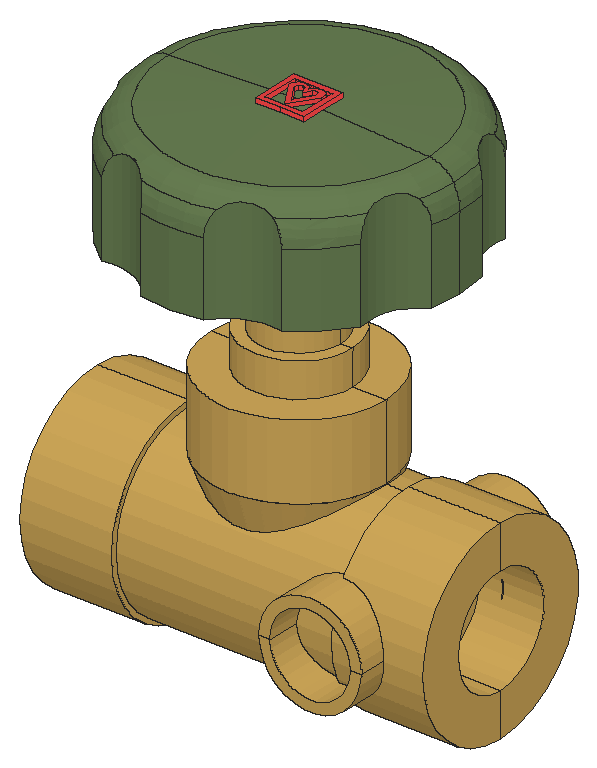
Revit family "HERZ Strömax 4215 AW IG-IG", category Rohrzubehör, Revit 2020
Family settings
  Bemaßung runder Anschluss = Durchmesser verwenden
  Teiletyp = Unterbricht
  OmniClass-Nummer = 23.65.55.14
  OmniClass-Titel = Valves for Liquid Services
  Arbeitsebenenbasiert = Nein
  Immer vertikal = Ja
  Beim Laden mit Abzugskörper schneiden = Nein
  Gemeinsam genutzt = Nein
Parameters
  Vorgabe-Ansicht = 0 mm
  URL = "www.herzvalves.com"
  T02 = 8.5 mm  # constant formula
  T01 [instance] = size_lookup("4215AW_", "T1", 17.5 mm, Nennweite)  # 23 mm
  R09 [instance] = R08 - 2 mm  # 7.5 mm
  Part number [instance] = size_lookup("4215AW_", "Artnr", 0, Nennweite)  # 2421532
  O-Rings = "EPDM"  # constant formula
  SC_NennweiteBerechnet = 0
  SC_Dimension = ""
  SCTWSEQ = "FW;SBT_TYP_FW=\"106\";2"
  SCTWCODE = "04;01;02"  # constant formula
  S03 = 60 mm  # constant formula
  S02 [instance] = H01 + H02 + H03  # 53.5 mm
  S01 [instance] = R01 * 2  # 36 mm
  R08 [instance] = size_lookup("4215AW_", "R8", 9.5 mm, Nennweite)  # 9.5 mm
  R07 = 3 mm  # constant formula
  R06 [instance] = size_lookup("4215AW_", "R6", 7.8 mm, Nennweite)  # 7.8 mm
  R05 [instance] = size_lookup("4215AW_", "R5", 10.1 mm, Nennweite)  # 10.1 mm
  R04 [instance] = size_lookup("4215AW_", "R4", 13.5 mm, Nennweite)  # 16.3 mm
  R03 [instance] = size_lookup("4215AW_", "R3", 15 mm, Nennweite)  # 17 mm
  R02 [instance] = Nennweite / 2  # 10 mm
  R01 [instance] = size_lookup("4215AW_", "R1", 16 mm, Nennweite)  # 18 mm
  Note = "Pursuant to Article 33 of the REACH Regulation (EC No. 1907/2006), we are obliged to point out that the material lead is listed on the SVHC list and that all brass components manufactured in our products exceed 0.1% (w / w) lead (CAS: 7439-92-1 / EINECS: 231-100-4).\r\nSince lead is a component part of an alloy, actual exposure is not possible and therefore no additional information on safe use is necessary."
  Nennweite [instance] = 20 mm
  Min. flow at Dp 10 kPa [instance] = if(Nennweite = 15 mm, 0.2, if(Nennweite = 20 mm, 0.4, if(Nennweite = 25 mm, 0.7, if(Nennweite = 32 mm, 1.2, if(Nennweite = 40 mm, 1.6, if(Nennweite = 50 mm, 2.7, 0))))))  # 0.4
  Medium = "Water"  # constant formula
  Max. operating temperature = 90 °C  # constant formula
  Max. operating pressure = 1000000.0 Pa  # constant formula
  Max. differential pressure on closed seat = 1000000.0 Pa  # constant formula
  L03 [instance] = size_lookup("4215AW_", "L3", 15.5 mm, Nennweite)  # 19 mm
  L02 = 12 mm  # constant formula
  L01 [instance] = size_lookup("4215AW_", "L1", 16 mm, Nennweite)  # 17 mm
  L00 [instance] = size_lookup("4215AW_", "L", 65 mm, Nennweite)  # 75 mm
  Hersteller = "HERZ Armaturen Ges.m.b.H."  # constant formula
  Hand wheel = "plastic, green"  # constant formula
  H04 = 21 mm  # constant formula
  H03 [instance] = size_lookup("4215AW_", "H3", 14.6 mm, Nennweite)  # 16.1 mm
  H02 [instance] = size_lookup("4215AW_", "H2", 5.4 mm, Nennweite)  # 6.4 mm
  H01 [instance] = size_lookup("4215AW_", "H1", 26 mm, Nennweite)  # 31 mm
  H00 [instance] = H01 + H02 + H03  # 53.5 mm
  Body = "DZR brass acc. to EN1982"  # constant formula
  Application = "For shutting off drinking water pipes and systems in buildings."
Reference planes
  plane 1 "Mitte (Vorne/hinten)": y = 0
  plane 2: z = 0
  plane 3 "Mitte (Links/rechts)": x = 0
Forms (mm)
  Revolve 1, solid, material "Messing, weicher Gelbton, geschweißt", detail levels fine
    sketch origin (470, 0, 0) x (1, 0, 0) y (0, 0, 1)
      loop
        line (-507.5, 10) -> (-495.5, 10) -> (-495.5, 0) -> (-444.5, 0) -> (-444.5, 10) -> (-432.5, 10) -> (-432.5, 18) -> (-449.5, 18) -> (-449.5, 17) -> (-490.5, 17) -> (-490.5, 18) -> (-507.5, 18) -> (-507.5, 10)
      axis (-507.5, 0) -> (-432.5, 0)
    angle from 0 to 360
  Revolve 2, solid, material "Messing, weicher Gelbton, geschweißt", detail levels fine
    sketch origin (0, 0, 0) x (1, 0, 0) y (0, 0, 1)
      loop
        line (0, 0) -> (0, 53.5) -> (-7.8, 53.5) -> (-7.8, 37.4) -> (-10.1, 37.4) -> (-10.1, 31) -> (-16.3, 31) -> (-16.3, 17) -> (-10, 0) -> (0, 0)
      axis (0, 53.5) -> (0, 0)
    angle from 0 to 360
  Revolve 3, solid, material "Messing, weicher Gelbton, geschweißt", detail levels fine
    sketch origin (0, 0, 0) x (1, 0, 0) y (0, 1, 0)
      loop
        line (20.5, -14.5) -> (28, -14.5) -> (28, -23) -> (30, -23) -> (30, -10) -> (23.5, -10) -> (23.5, 10) -> (30, 10) -> (30, 23) -> (20.5, 23) -> (20.5, -14.5)
      axis (20.5, 23) -> (20.5, -23)
    angle from 0 to 360
Lines and regions (mm)
  model lines, detail levels coarse+medium
    curve 1: line (-37.5, 0, 18) -> (-37.5, 0, -18)
    curve 2: line (-37.5, 0, -18) -> (37.5, 0, 18)
    curve 3: line (37.5, 0, 18) -> (37.5, 0, -18)
    curve 4: line (37.5, 0, -18) -> (-37.5, 0, 18)
    curve 5: line (0, 0, 0) -> (0, 0, 53.5)
    curve 6: line (-30, 0, 53.5) -> (30, 0, 53.5)
    curve 7: line (-37.5, -18, 0) -> (-37.5, 18, 0)
    curve 8: line (-37.5, 18, 0) -> (37.5, -18, 0)
    curve 9: line (37.5, -18, 0) -> (37.5, 18, 0)
    curve 10: line (37.5, 18, 0) -> (-37.5, -18, 0)
    curve 11: line (0, 0, 0) -> (0, 53.5, 0)
    curve 12: line (30, 53.5, 0) -> (-30, 53.5, 0)
Dimensions and locks
  "L00": Revolve 1 sketch curve to Revolve 1 sketch curve
  equal spacing: Revolve 1 sketch curve, plane 3 "Mitte (Links/rechts)", Revolve 1 sketch curve
  "R01": Revolve 1 sketch curve to Revolve 1 sketch curve  (x2)
  "R02": Revolve 1 sketch curve to Revolve 1 sketch curve  (x2)
  "L01": Revolve 1 sketch curve to Revolve 1 sketch curve  (x2)
  "L02": Revolve 1 sketch curve to Revolve 1 sketch curve  (x2)
  "R03": Revolve 1 sketch curve to Revolve 1 sketch curve
  "R03": Revolve 2 sketch curve to Revolve 2 sketch curve
  "R02": Revolve 2 sketch curve to Revolve 2 sketch curve
  "R04": Revolve 2 sketch curve to Revolve 2 sketch curve
  "R05": Revolve 2 sketch curve to Revolve 2 sketch curve
  "R06": Revolve 2 sketch curve to Revolve 2 sketch curve
  "H01": Revolve 2 sketch curve to plane 2
  "T01": Revolve 3 sketch curve to plane 1 "Mitte (Vorne/hinten)" to Revolve 3 sketch curve
  "R02": Revolve 3 sketch curve to plane 1 "Mitte (Vorne/hinten)"
  "R02": plane 1 "Mitte (Vorne/hinten)" to Revolve 3 sketch curve
  "R07": Revolve 3 sketch curve to Revolve 3 sketch curve
  "H02": Revolve 2 sketch curve to Revolve 2 sketch curve
  "H03": Revolve 2 sketch curve to Revolve 2 sketch curve
  "H00": nested 1 to plane 2
  "H04": nested 2 to Revolve 2
  equal spacing: curve 4, plane 2, curve 2
  "S01": curve 4 to curve 2
  equal spacing: curve 3, plane 2, curve 4
  "S01": curve 3 to curve 4
  equal spacing: curve 1, plane 3 "Mitte (Links/rechts)", curve 3
  "L00": curve 1 to curve 3
  "S02": curve 5 to plane 2
  equal spacing: curve 6, curve 5, curve 6
  "S03": curve 6 to curve 6
  equal spacing: curve 10, plane 1 "Mitte (Vorne/hinten)", curve 8
  "S01": curve 8 to curve 10
  equal spacing: curve 9, plane 1 "Mitte (Vorne/hinten)", curve 10
  "S01": curve 10 to curve 9
  equal spacing: curve 7, plane 3 "Mitte (Links/rechts)", curve 9
  "L00": curve 7 to curve 9
  "S02": plane 1 "Mitte (Vorne/hinten)" to curve 11
  equal spacing: curve 12, curve 11, curve 12
  "S03": curve 12 to curve 12
  "T02": Revolve 3 sketch curve to Revolve 3 sketch curve
  "R08": Revolve 3 sketch curve to Revolve 3 sketch curve
  "R03": Revolve 3 sketch curve to Revolve 1
  "R09": Revolve 3 sketch curve to Revolve 3 sketch curve
  aligned and locked: level to plane 2
Automatic sketch dimensions
  curve 5 to level = 0 mm
  curve 11 to plane 3 "Mitte (Links/rechts)" = 0 mm
  Revolve 1 sketch curve to level = 0 mm  (x2)
  Revolve 1 sketch curve to Revolve 1 sketch curve = 791.99 mm
  Revolve 1 sketch curve to Revolve 1 sketch curve = 2278.983 mm
  Revolve 2 sketch curve to level = 0 mm
  Revolve 2 sketch curve to plane 3 "Mitte (Links/rechts)" = 0 mm  (x2)
  Revolve 2 sketch curve to Revolve 2 sketch curve = 366.045 mm
  Revolve 2 sketch curve to Revolve 2 sketch curve = 2165.278 mm
  Revolve 3 sketch curve to Revolve 3 sketch curve = 0 mm  (x2)
  Revolve 3 sketch curve to Revolve 3 sketch curve = 6.5 mm
  Revolve 3 sketch curve to Revolve 3 sketch curve = 3.768 mm
Nested families
  nested 1: "Strömax-Handrad (Grün)" at (0, 0, 53.5), type "Strömax-Handrad (Grün)", detail levels fine
    with Nennweite 0 mm, Gewicht 0.00 kg, Bestellnummer 0
  nested 2: "Herz-Logo" at (0, 0, 74.5), type "Herz-Logo", detail levels fine
Connectors
  piping at (-25.5, 0, 0), diameter 20, driven by "Nennweite"
    settings: on Revolve 1, index 1, connector inside diameter 609.6 mm, connector length 0 mm, flow factor 0, pipe flow 0.0 L/s, pressure drop 0.0 Pa, fitting loss kfactor 0, connector angle 0.00°, fixture units 0, engagement length 0 mm, angle of deflection 0.00°, flow configuration 0, flow direction 1, fitting loss method 0, system type 29, joint type 0, gender type 0, connector reference index -1, connector utility 0, adjustable connector no, is connector primary yes, connector description ""
  piping at (25.5, 0, 0), diameter 20, driven by "Nennweite"
    settings: on Revolve 1, index 2, connector inside diameter 609.6 mm, connector length 0 mm, flow factor 0, pipe flow 0.0 L/s, pressure drop 0.0 Pa, fitting loss kfactor 0, connector angle 0.00°, fixture units 0, engagement length 0 mm, angle of deflection 0.00°, flow configuration 0, flow direction 2, fitting loss method 0, system type 29, joint type 0, gender type 0, connector reference index -1, connector utility 0, adjustable connector no, is connector primary no, connector description ""
Definition of nested family "Strömax-Handrad (Grün)"
  Parameters (values of type "Strömax-Handrad (Grün)")
    Default Elevation = 0 mm
    URL = "www.herz-armaturen.at"
    Nennweite [instance] = 0 mm
    Manufacturer = "Herz Armaturen GmbH"  # constant formula
    Gewicht [instance] = 0.00 kg
    Bestellnummer [instance] = 0
  Reference planes
    plane 1 "Mitte (Vorne/hinten)": y = 0
    plane 2: z = 0
    plane 3 "Mitte (Links/rechts)": x = 0
  Forms (mm)
    Revolve 1, solid
      sketch origin (0, 0, 0) x (1, 0, 0) y (0, 0, 1)
        loop
          line (0, 0) -> (0, 22)
          arc (0, 22) -> (-12.15, 21.705) -> (-24.271, 20.819) r 250
          arc (-24.271, 20.819) -> (-26.831, 19.959) -> (-28.754, 18.063) r 6
          arc (-28.754, 18.063) -> (-29.682, 16.008) -> (-30, 13.776) r 8
          line (-30, 13.776) -> (-30, 0) -> (0, 0)
        axis (0, 22) -> (0, 0)
      angle from 0 to 360
    Extrusion 2, void
      sketch origin (0, 0, 0) x (1, 0, 0) y (0, 1, 0)
        loop
          circle (14.351, -34.645) r 10
      from 0 to 22
    Extrusion 3, void
      sketch origin (0, 0, 0) x (-1, 0, 0) y (0, -1, 0)
        loop
          circle (14.351, 34.645) r 10
      from 0 to 22
    Extrusion 4, void
      sketch origin (0, 0, 0) x (0, -1, 0) y (1, 0, 0)
        loop
          circle (14.351, 34.645) r 10
      from 0 to 22
    Extrusion 5, void
      sketch origin (0, 0, 0) x (0, 1, 0) y (-1, 0, 0)
        loop
          circle (14.351, -34.645) r 10
      from 0 to 22
    Extrusion 6, void
      sketch origin (0, 0, 0) x (0, -1, 0) y (1, 0, 0)
        loop
          circle (14.351, -34.645) r 10
      from 0 to 22
    Extrusion 7, void
      sketch origin (0, 0, 0) x (0, 1, 0) y (-1, 0, 0)
        loop
          circle (14.351, 34.645) r 10
      from 0 to 22
    Extrusion 8, void
      sketch origin (0, 0, 0) x (1, 0, 0) y (0, 1, 0)
        loop
          circle (14.351, 34.645) r 10
      from 0 to 22
    Extrusion 9, void
      sketch origin (0, 0, 0) x (-1, 0, 0) y (0, -1, 0)
        loop
          circle (14.351, -34.645) r 10
      from 0 to 22
  Cuts and joins
    Extrusion 2, Extrusion 3, Extrusion 4, Extrusion 5, Extrusion 6, Extrusion 7, Extrusion 8, Extrusion 9 cuts Revolve 1
  Dimensions and locks
    aligned and locked: level to plane 2
Definition of nested family "Herz-Logo"
  Parameters (values of type "Herz-Logo")
    Default Elevation = 0 mm
  Reference planes
    plane 1 "Mitte (Vorne/hinten)": y = 0
    plane 2: z = 0
    plane 3 "Mitte (Links/rechts)": x = 0
  Forms (mm)
    Extrusion 1, solid
      sketch origin (0, 0, 0) x (1, 0, 0) y (0, 1, 0)
        loop
          line (-0.018, -4.517) -> (4.482, -4.517) -> (4.482, 4.483) -> (-4.518, 4.483) -> (-4.518, -4.517) -> (-0.018, -4.517)
        loop
          line (-0.05, -3.48) -> (3.482, -3.48) -> (3.482, 3.483) -> (-3.518, 3.483) -> (-3.518, -3.48) -> (-0.05, -3.48)
        loop
          arc (-0.018, 2.383) -> (-1.543, 3.287) -> (-3.067, 2.383) r 1.738
          arc (-3.067, 2.383) -> (-3.191, 1.899) -> (-3.067, 1.415) r 1.009
          line (-3.067, 1.415) -> (-0.018, -3.281) -> (3.032, 1.415)
          arc (3.032, 1.415) -> (3.156, 1.899) -> (3.032, 2.383) r 1.009
          arc (3.032, 2.383) -> (1.507, 3.287) -> (-0.018, 2.383) r 1.738
        loop
          arc (1.885, 1.272) -> (2.005, 1.675) -> (1.885, 2.079) r 0.74
          arc (1.885, 2.079) -> (1.265, 2.416) -> (0.644, 2.079) r 0.74
          line (0.644, 2.079) -> (-0.018, 0.97) -> (-0.679, 2.079)
          arc (-0.679, 2.079) -> (-1.3, 2.416) -> (-1.921, 2.079) r 0.74
          arc (-1.921, 2.079) -> (-2.04, 1.675) -> (-1.921, 1.272) r 0.74
          line (-1.921, 1.272) -> (-0.018, -1.658) -> (1.885, 1.272)
      from 0 to 1.5
  Dimensions and locks
    aligned and locked: level to plane 2
